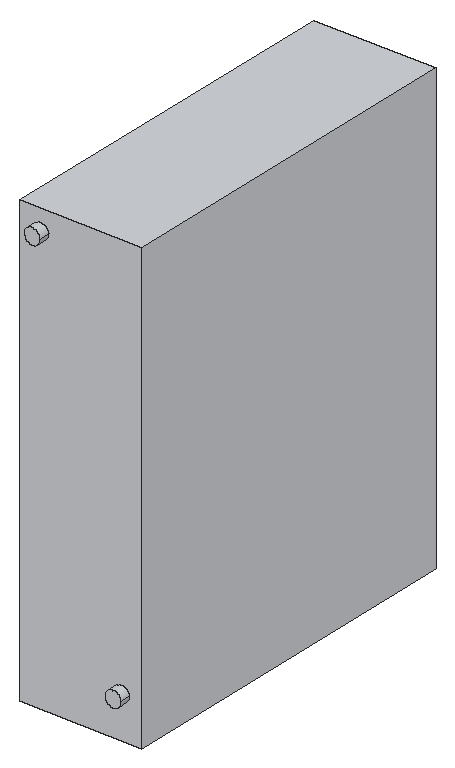
Revit family "M_Serpentina AHU da cobertura - Água quente", category Equipamento mecânico, Revit 2019
Family settings
  Cota do conector redondo = Usar raio
  Tipo de parte = Normal
  Número OmniClass = 23.75.35.14
  Título OmniClass = Air Handling Units
  ID de item do Seek = Rooftop AHU Coil - Hot Water-0000-CAN-ENU
  Com base no plano de trabalho = Não
  Sempre na vertical = Sim
  Corte com vazios quando carregada = Não
  Compartilhado = Não
  Ponto de cálculo do ambiente = Não
Parameters (values of type "700 L/s")
  Pressão da água [instance] = 1241.0 Pa
  Fluxo da água [instance] = 0.06 L/s
  Largura da unidade = Largura do duto  # 900 mm
  Comprimento da unidade = 300 mm
  Altura da unidade = Altura do duto  # 1100 mm
  Raio da tubulação = 19 mm
  Forma da peça = "Duto retangular"
  Modelo = "Tamanho do exterior 03"
  Largura do duto = 900 mm
  Altura do duto = 1100 mm
  Pressão do ar [instance] = 92.0 Pa
  Fluxo de ar [instance] = 700.0 L/s
Types (10, lengths in mm): name | Pressão da água | Fluxo da água | Largura da unidade | Altura da unidade | Raio da tubulação | Modelo | Largura do duto | Altura do duto | Fluxo de ar
  4,950 L/s | 6964.0 Pa | 0.25 L/s | 2100 | 1700 | 32 | "Tamanho do exterior 21" | 2100 | 1700 | 4950.0 L/s
  5,900 L/s | 7860.0 Pa | 0.25 L/s | 2300 | 1700 | 32 | "Tamanho do exterior 25" | 2300 | 1700 | 5900.0 L/s
  700 L/s | 1241.0 Pa | 0.06 L/s | 900 | 1100 | 19 | "Tamanho do exterior 03" | 900 | 1100 | 700.0 L/s
  7,100 L/s | 9860.0 Pa | 0.19 L/s | 2700 | 1700 | 32 | "Tamanho do exterior 30" | 2700 | 1700 | 7100.0 L/s
  1,400 L/s | 1793.0 Pa | 0.06 L/s | 1250 | 1100 | 19 | "Tamanho do exterior 06" | 1250 | 1100 | 1400.0 L/s
  1,900 L/s | 2482.0 Pa | 0.06 L/s | 1450 | 1200 | 25 | "Tamanho do exterior 08" | 1450 | 1200 | 1900.0 L/s
  2,350 L/s | 3240.0 Pa | 0.13 L/s | 1800 | 1200 | 25 | "Tamanho do exterior 10" | 1800 | 1200 | 2350.0 L/s
  2,800 L/s | 4137.0 Pa | 0.13 L/s | 1800 | 1350 | 25 | "Tamanho do exterior 12" | 1800 | 1350 | 2800.0 L/s
  3,300 L/s | 5585.0 Pa | 0.19 L/s | 1900 | 1350 | 32 | "Tamanho do exterior 14" | 1900 | 1350 | 3300.0 L/s
  4,000 L/s | 5585.0 Pa | 0.25 L/s | 2100 | 1400 | 31 | "Tamanho do exterior 17" | 2100 | 1400 | 4000.0 L/s
Reference planes
  plane 1 "Centro (Frente/Trás)": y = 0
  plane 2: z = 0
  plane 3 "Centro (Esquerda/Direita)": x = 0
  plane 4: x = -300
  plane 5: y = 900
  plane 6: z = 1100
  plane 7: y = -25.4
  plane 8: z = 1049.2
  plane 9: x = -249.2
  plane 10: x = -50.8
  plane 11: z = 101.6
Forms (mm)
  Extrusion 1, solid
    sketch origin (0, 0, 0) x (1, 0, 0) y (0, 1, 0)
      loop
        line (-300, 900) -> (-300, 0) -> (0, 0) -> (0, 900) -> (-300, 900)
    from 0 to 1100
  Extrusion 2, solid
    sketch origin (0, 0, 0) x (1, 0, 0) y (0, 0, 1)
      loop
        circle (-249.2, 1049.2) r 19
    from 0 to 25.4
  Extrusion 3, solid
    sketch origin (0, 0, 0) x (1, 0, 0) y (0, 0, 1)
      loop
        circle (-50.8, 101.6) r 19
    from 0 to 25.4
Dimensions and locks
  "Comprimento da unidade": plane 4 to plane 3 "Centro (Esquerda/Direita)"
  "Largura da unidade": plane 5 to plane 1 "Centro (Frente/Trás)"
  "Altura da unidade": plane 6 to plane 2
  locked: plane 7 to Extrusion 1 at 25.4
  locked: plane 3 "Centro (Esquerda/Direita)" to plane 10 at 50.8
  locked: plane 11 to plane 2 at 101.6
  locked: plane 9 to plane 4 at 50.8
  locked: plane 6 to plane 8 at 50.8
  "Raio da tubulação": radius of Extrusion 2 sketch curve
  "Raio da tubulação": radius of Extrusion 3 sketch curve
  aligned and locked: plane 4 to Extrusion 1 sketch curve
  aligned and locked: Extrusion 1 sketch curve to plane 5
  aligned and locked: plane 1 "Centro (Frente/Trás)" to Extrusion 1 sketch curve
  aligned and locked: Extrusion 1 sketch curve to plane 3 "Centro (Esquerda/Direita)"
  aligned and locked: Extrusion 1 to plane 2
  aligned and locked: plane 6 to Extrusion 1
  aligned and locked: plane 8 to Extrusion 2 sketch curve
  aligned and locked: plane 9 to Extrusion 2 sketch curve
  aligned and locked: plane 11 to Extrusion 3 sketch curve
  aligned and locked: plane 10 to Extrusion 3 sketch curve
  aligned and locked: Extrusion 2 to plane 7
  aligned and locked: Extrusion 3 to plane 7
Automatic sketch dimensions
  plane 1 "Centro (Frente/Trás)" to Extrusion 1 sketch curve = 0 mm
Connectors
  hvac at (-300, 450, 550), driven by "Fluxo de ar", driven by "Altura do duto", driven by "Largura do duto"
    settings: on Extrusion 1, index 1, duct flow 700.0 L/s, flow factor 0, pres drop 0.0 Pa, loss coef 0, conn angle 0.00°, conn width 900 mm, conn height 1100 mm, conn diameter 609.6 mm, duct sys type 1, conn prof type 1, flow config 0, flow direction 0, loss method 4, conn ref index 2, conn util no, is conn primary yes, conn desc ""
  hvac at (0, 450, 550), driven by "Pressão do ar", driven by "Fluxo de ar", driven by "Altura do duto", driven by "Largura do duto"
    settings: on Extrusion 1, index 2, duct flow 700.0 L/s, flow factor 0, pres drop 92.0 Pa, loss coef 0, conn angle 0.00°, conn width 900 mm, conn height 1100 mm, conn diameter 609.6 mm, duct sys type 1, conn prof type 1, flow config 0, flow direction 0, loss method 4, conn ref index 1, conn util no, is conn primary no, conn desc ""
  piping at (-249.2, -25.4, 1049.2), diameter 38, driven by "Fluxo da água", driven by "Raio da tubulação"
    settings: on Extrusion 2, index 3, connector inside diameter 38 mm, connector length 0 mm, flow factor 0, pipe flow 0.06 L/s, pressure drop 0.0 Pa, fitting loss kfactor 0, connector angle 0.00°, fixture units 0, engagement length 0 mm, angle of deflection 0.00°, flow configuration 1, flow direction 1, fitting loss method 4, system type 7, joint type 0, gender type 0, connector reference index 4, connector utility 0, adjustable connector no, is connector primary yes, connector description "Entrada do fluxo de água"
  piping at (-50.8, -25.4, 101.6), diameter 38, driven by "Pressão da água", driven by "Fluxo da água", driven by "Raio da tubulação"
    settings: on Extrusion 3, index 4, connector inside diameter 38 mm, connector length 0 mm, flow factor 0, pipe flow 0.06 L/s, pressure drop 1241.0 Pa, fitting loss kfactor 0, connector angle 0.00°, fixture units 0, engagement length 0 mm, angle of deflection 0.00°, flow configuration 1, flow direction 2, fitting loss method 4, system type 8, joint type 0, gender type 0, connector reference index 3, connector utility 0, adjustable connector no, is connector primary no, connector description "Saída do fluxo de água"
